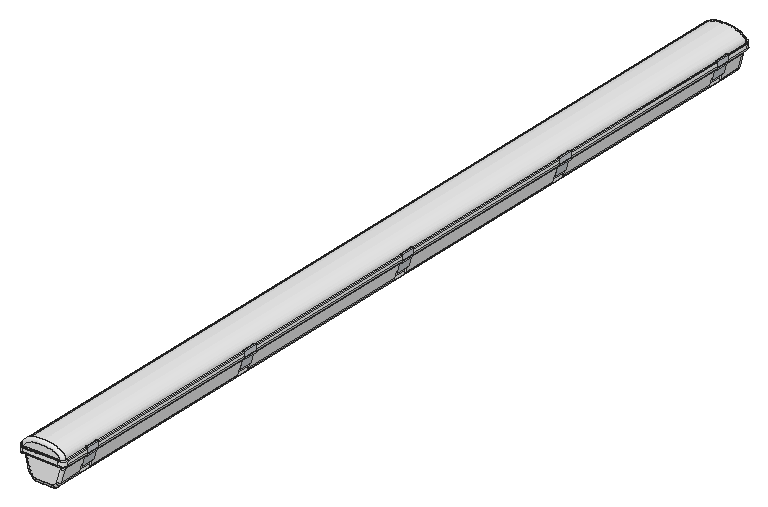
Revit family "0067989 Sylvania Lighting Fixture START Waterproof Single 1500 IP65 DA 4000lm 865 QC", category Lighting Fixtures, host Face, Revit 2016
Family settings
  Host = Face
  Part Type = Normal
  Round Connector Dimension = Use Diameter
  OmniClass Number = 23.80.70.11.14
  OmniClass Title = General Luminaries, Directional
  Cut with Voids When Loaded = No
  Light Source = Yes
  Shared = No
  Room Calculation Point = No
Parameters (values of type "0067989 ST WTRPRF S 1500 IP65 DALI 4000LM 865 QC")
  Width = 84 mm
  Weight = "kg"
  Wattage Comments = "n/a"
  Wattage = 33 W
  WarrantyStartDate [instance] = "n/a"
  WarrantyGuarantorParts = "n/a"
  WarrantyDurationUnit = "n/a"
  WarrantyDurationParts = "n/a"
  WarrantyDescription = "n/a"
  built-in parameter 1150110 = 1 (stored number, unit not read)
  Voltage = 0 V
  URL = "http://www.sylvania-lighting.com"
  TypeName = "START Waterproof Single 1500 IP65 DA 4000lm 865 QC"
  Type Image = <None>
  Type Comments = "n/a"
  built-in parameter 1114217 = 1 (stored number, unit not read)
  Tilt Angle = -90.00°
  built-in parameter 1150109 = 1 (stored number, unit not read)
  built-in parameter 1150134 = 1
  built-in parameter 1150113 = 1 (stored number, unit not read)
  SerialNumber [instance] = "n/a"
  ReflectorMaterial = none
  PowerFactor = 0
  PowerConsumption = "33 W"
  Photometric Web File = "0067989.ies"
  NominalWidth = 0 mm
  NominalLength = 1578 mm
  NominalHeight = 75 mm
  Name = "START Waterproof Single 1500 IP65 DA 4000lm 865 QC"
  ModelReference = "START Waterproof Single 1500 IP65 DA 4000lm 865 QC"
  ModelNumber = "0067989"
  Model = "START Waterproof Single 1500 IP65 DA 4000lm 865 QC"
  Material = "polycarbonate housing, polycarbonate diffuser"
  ManufacturerName = "Feilo Sylvania"
  Manufacturer = "Feilo Sylvania"
  LuminousEfficacy = "119 lm/W"
  built-in parameter 1150105 = 312.5 (stored number, unit not read)
  Lumens = 3927 lm
  LuminaireType = ""
  built-in parameter 1150115 = 1 (stored number, unit not read)
  LightOutputRatio = "n/a"
  built-in parameter 1150137 = (empty or 0)
  built-in parameter 1150139 = (empty or 0)
  Length = 1572 mm
  LampsType = Lamp  # "LED"
  LampNominalLuminous = "3950 lm"
  LampMacAdamStep = "n/a"
  LampColourTemperature = "6500 K"
  LampColourRenderingIndex = "80"
  built-in parameter 1150112 = 1 (stored number, unit not read)
  built-in parameter 1150114 = 1 (stored number, unit not read)
  Lamp = "LED"
  Keynote = "16500"
  InstallationDate [instance] = "n/a"
  InputVoltage = "n/a"
  InputNominalFrequency = "n/a"
  built-in parameter 1150132 = (empty or 0)
  built-in parameter 1150102 = (empty or 0)
  built-in parameter 1150107 = 6500 (stored number, unit not read)
  built-in parameter 1150138 = (empty or 0)
  IngressProtection = "IP65"
  ImpactProtectionIndex = "IK08"
  built-in parameter 1150106 = 3.125 (stored number, unit not read)
  IfcExportType = "IfcLightFixtureType"
  IfcExportAs = "IfcLightFixtureType"
  ExpectedLife = 50000
  Emit from Rectangle Width = Width - 20 mm  # 64 mm
  Emit from Rectangle Length = Length - 20 mm  # 1552 mm
  Emit Shape Visible in Rendering = no
  ElectricShockClassification = "Class I"
  built-in parameter 1150104 = 11.055 (stored number, unit not read)
  DurationUnit = "hours"
  DocumentationLiterature = "http://www.sylvania-lighting.com/product/en-int/products/0067989"
  DimmingControlOptions = "n/a"
  Dimming Lamp Color Temperature Shift = <None>
  DiffuserMaterial = Diffuser-Sylvania-Transparent
  Description = ""
  Default Elevation = 1219.2 mm
  CreatedOn = "11/27/2018"
  CreatedBy = "@sylvania-lighting.com"
  Cost = 0
  Color Filter = 16777215
  built-in parameter 1114216 [instance] = (empty or 0)
  ClassificationValue = "EF_70_80"
  ClassificationName = "Uniclass2015"
  BodyMaterial = Body-Sylvania-Gray
  BarCode [instance] = "n/a"
  built-in parameter 1114218 = 1 (stored number, unit not read)
  built-in parameter 1150133 = 10 (stored number, unit not read)
  AssetType = "Fixed"
  AssetIdentifier [instance] = "n/a"
  Assembly Code = "D5020200"
  Apparent Load = 33 VA
  AccessoryMaterial = Diffuser-Sylvania-Glow
Reference planes
  plane 1 "Center (Front/Back)": y = 0
  plane 2: z = 0
  plane 3 "Center (Left/Right)": x = 0
  plane 4: z = 54
  plane 5: x = -14.7
  plane 6: x = -21.8
  plane 7: x = -26.6
  plane 8: x = -29.2
  plane 9: z = 3
  plane 10: z = 7.8
  plane 11: z = 12.3
  plane 12: z = 36.6
  plane 13: z = 42.8
  plane 14: x = -38.1
  plane 15: z = 46.2
  plane 16: x = -42
  plane 17: y = 786
  plane 18: y = -786
  plane 19: x = 14.7
  plane 20: x = 21.8
  plane 21: x = 26.6
  plane 22: x = 29.2
  plane 23: x = 38.1
  plane 24: x = 42
  plane 25: y = 778.4
  plane 26: y = -778.4
  plane 27: y = -774.7
  plane 28: y = 774.7
  plane 29: z = 74
  plane 30: x = -38.5
  plane 31: x = 38.5
  plane 32: z = 55.2
  plane 33: y = -782.5
  plane 34: y = 782.5
  plane 35: x = -24.5
  plane 36: x = 24.5
  plane 37: x = -35.7
  plane 38: x = 35.7
  plane 39: z = 50.2
  plane 40: z = 24.6
  plane 41: y = -720
  plane 42: y = -734
  plane 43: y = -706
  plane 44: y = 720
  plane 45: y = -720
  plane 46: y = -734
  plane 47: y = -706
  plane 48: y = 720
  plane 49: y = 706
  plane 50: y = 734
  plane 51: y = -360
  plane 52: y = -374
  plane 53: y = -346
  plane 54: y = 0
  plane 55: y = -14
  plane 56: y = 14
  plane 57: y = 360
  plane 58: y = 346
  plane 59: y = 374
Forms (mm)
  Sweep 1, solid, material "Body-Sylvania-Gray" <- "BodyMaterial", detail levels medium+fine
    path origin (1223.4, -4572, 54) x (0, -1, 0) y (1, 0, 0)
      loop
        arc (-3796, -1265.4) -> (-3788.929, -1262.471) -> (-3786, -1255.4) r 10
        line (-3786, -1255.4) -> (-3786, -1191.4)
        arc (-3786, -1191.4) -> (-3788.929, -1184.329) -> (-3796, -1181.4) r 10
        line (-3796, -1181.4) -> (-5348, -1181.4)
        arc (-5348, -1181.4) -> (-5355.071, -1184.329) -> (-5358, -1191.4) r 10
        line (-5358, -1191.4) -> (-5358, -1255.4)
        arc (-5358, -1255.4) -> (-5355.071, -1262.471) -> (-5348, -1265.4) r 10
        line (-5348, -1265.4) -> (-3796, -1265.4)
    profile origin (-42, 0, 54) x (-1, 0, 0) y (0, 0, 1)
      loop
        line (0, 0) -> (-1, 0) -> (-1, -7.726)
        arc (-1, -7.726) -> (-1.994, -9.498) -> (-3.9, -10.2) r 2.937
        line (-3.9, -10.2) -> (-8.571, -10.2) -> (-8.571, -11.2) -> (-3.9, -11.2)
        arc (-3.9, -11.2) -> (-1.313, -10.231) -> (0, -7.8) r 3.937
        line (0, -7.8) -> (0, 0)
  Sweep 2, solid, material "Body-Sylvania-Gray" <- "BodyMaterial", detail levels medium+fine
    path origin (0, 0, 0) x (1, 0, 0) y (0, 0, 1)
      loop
        line (35.7, 42.8) -> (35.7, 36.6) -> (29.203, 12.31)
        arc (29.203, 12.31) -> (28.199, 9.884) -> (26.6, 7.8) r 10.052
        line (26.6, 7.8) -> (21.8, 3)
        arc (21.8, 3) -> (18.554, 0.781) -> (14.7, 0) r 9.902
        line (14.7, 0) -> (0, 0) -> (-14.7, 0)
        arc (-14.7, 0) -> (-18.554, 0.781) -> (-21.8, 3) r 9.902
        line (-21.8, 3) -> (-26.6, 7.8)
        arc (-26.6, 7.8) -> (-28.199, 9.884) -> (-29.203, 12.31) r 10.052
        line (-29.203, 12.31) -> (-35.7, 36.6) -> (-35.7, 42.8)
    profile origin (0, 0, 0) x (0, 0, -1) y (0, -1, 0)
      loop
        arc (0, 773.4) -> (-1.464, 776.936) -> (-5, 778.4) r 5
        line (-5, 778.4) -> (-7.8, 778.4) -> (-7.8, -778.4) -> (-5, -778.4)
        arc (-5, -778.4) -> (-1.464, -776.936) -> (0, -773.4) r 5
        line (0, -773.4) -> (0, 773.4)
  Extrusion 3, solid, material "Body-Sylvania-Gray" <- "BodyMaterial", detail levels medium+fine
    sketch origin (1524, 778.4, 1219.2) x (1, 0, 0) y (0, 0, 1)
      loop
        arc (-1545.668, -1204.874) -> (-1545.443, -1205.418) -> (-1545.085, -1205.885) r 2.252
        line (-1545.085, -1205.885) -> (-1540.231, -1210.738)
        arc (-1540.231, -1210.738) -> (-1539.534, -1211.227) -> (-1538.7, -1211.4) r 2.102
        line (-1538.7, -1211.4) -> (-1509.3, -1211.4)
        arc (-1509.3, -1211.4) -> (-1508.466, -1211.227) -> (-1507.769, -1210.738) r 2.102
        line (-1507.769, -1210.738) -> (-1502.915, -1205.885)
        arc (-1502.915, -1205.885) -> (-1502.557, -1205.418) -> (-1502.332, -1204.874) r 2.252
        line (-1502.332, -1204.874) -> (-1496.1, -1181.575) -> (-1496.1, -1176.4) -> (-1551.9, -1176.4) -> (-1551.9, -1181.575) -> (-1545.668, -1204.874)
    from 0 to 1556.8
  Sweep 4, solid, material "Diffuser-Sylvania-Transparent" <- "DiffuserMaterial", detail levels medium+fine
    path origin (0, 0, 0) x (1, 0, 0) y (0, 0, 1)
      loop
        spline (-38.5, 55.2) -> (-37.188, 60.066) -> (-33.342, 64.6) -> (-27.224, 68.494) -> (-19.25, 71.481) -> (-9.965, 73.359) -> (0, 74) -> (9.965, 73.359) -> (19.25, 71.481) -> (27.224, 68.494) -> (33.342, 64.6) -> (37.188, 60.066) -> (38.5, 55.2)
    profile origin (38.5, 0, 55.2) x (0, -1, 0) y (1, 0, 0)
      loop
        arc (782.5, -5.5) -> (780.889, -1.611) -> (777, 0) r 5.5
        line (777, 0) -> (-777, 0)
        arc (-777, 0) -> (-780.889, -1.611) -> (-782.5, -5.5) r 5.5
        line (-782.5, -5.5) -> (-782.5, -6.3) -> (-781.5, -6.3) -> (-781.5, -5.5)
        arc (-781.5, -5.5) -> (-780.182, -2.318) -> (-777, -1) r 4.5
        line (-777, -1) -> (777, -1)
        arc (777, -1) -> (780.182, -2.318) -> (781.5, -5.5) r 4.5
        line (781.5, -5.5) -> (781.5, -6.347) -> (782.5, -6.347) -> (782.5, -5.5)
  Extrusion 5, solid, material "Diffuser-Sylvania-Transparent" <- "DiffuserMaterial", detail levels medium+fine
    sketch origin (1524, -782.5, 1219.2) x (1, 0, 0) y (0, 0, 1)
      loop
        line (-1556.653, -1164) -> (-1491.347, -1164)
        spline (-1491.347, -1164) -> (-1491.939, -1161.945) -> (-1494.434, -1159.066) -> (-1499.342, -1155.96) -> (-1506.338, -1153.35) -> (-1514.799, -1151.648) -> (-1524, -1151.047) -> (-1533.201, -1151.648) -> (-1541.662, -1153.35) -> (-1548.658, -1155.96) -> (-1553.566, -1159.066) -> (-1556.061, -1161.945) -> (-1556.653, -1164)
    from 0 to -1
  Extrusion 6, solid, material "Diffuser-Sylvania-Transparent" <- "DiffuserMaterial", detail levels medium+fine
    sketch origin (1524, 782.5, 1219.2) x (1, 0, 0) y (0, 0, 1)
      loop
        spline (-1491.3, -1164) -> (-1491.898, -1161.922) -> (-1494.404, -1159.03) -> (-1499.322, -1155.918) -> (-1506.325, -1153.305) -> (-1514.793, -1151.602) -> (-1524, -1151) -> (-1533.207, -1151.602) -> (-1541.675, -1153.305) -> (-1548.678, -1155.918) -> (-1553.596, -1159.03) -> (-1556.102, -1161.922) -> (-1556.7, -1164)
        line (-1556.7, -1164) -> (-1491.3, -1164)
    from 0 to 1
  Extrusion 7, solid, material "Diffuser-Sylvania-Glow" <- "AccessoryMaterial", detail levels fine
    sketch origin (0, 0, 0) x (1, 0, 0) y (0, 0, 1)
      loop
        circle (0, 50.2) r 8
    from -774.7 to 774.7
  Extrusion 8, void
    sketch origin (0, -720, 2343.807) x (0, 0, -1) y (-1, 0, 0)
      loop
        line (2340.807, -24.5) -> (2331.507, -24.5) -> (2319.207, -29.2) -> (2319.207, -35.7) -> (2340.807, -35.7) -> (2340.807, -24.5)
      loop
        line (2340.807, 24.5) -> (2340.807, 35.7) -> (2319.207, 35.7) -> (2319.207, 29.2) -> (2331.507, 24.5) -> (2340.807, 24.5)
    from 14 to -14
  Extrusion 9, void, not visible
    sketch origin (0, -720, 2343.807) x (0, 0, -1) y (-1, 0, 0)
      loop
        line (2340.807, -24.5) -> (2331.507, -24.5) -> (2319.207, -29.2) -> (2319.207, -35.7) -> (2340.807, -35.7) -> (2340.807, -24.5)
      loop
        line (2340.807, 24.5) -> (2340.807, 35.7) -> (2319.207, 35.7) -> (2319.207, 29.2) -> (2331.507, 24.5) -> (2340.807, 24.5)
    from 14 to -14
  Extrusion 10, void
    sketch origin (0, 720, 2343.807) x (0, 0, -1) y (-1, 0, 0)
      loop
        line (2340.807, -24.5) -> (2331.507, -24.5) -> (2319.207, -29.2) -> (2319.207, -35.7) -> (2340.807, -35.7) -> (2340.807, -24.5)
      loop
        line (2340.807, 24.5) -> (2340.807, 35.7) -> (2319.207, 35.7) -> (2319.207, 29.2) -> (2331.507, 24.5) -> (2340.807, 24.5)
    from 14 to -14
  Extrusion 11, void
    sketch origin (0, -360, 2343.807) x (0, 0, -1) y (-1, 0, 0)
      loop
        line (2340.807, -24.5) -> (2331.507, -24.5) -> (2319.207, -29.2) -> (2319.207, -35.7) -> (2340.807, -35.7) -> (2340.807, -24.5)
      loop
        line (2340.807, 24.5) -> (2340.807, 35.7) -> (2319.207, 35.7) -> (2319.207, 29.2) -> (2331.507, 24.5) -> (2340.807, 24.5)
    from 14 to -14
  Extrusion 12, void
    sketch origin (0, 0, 2343.807) x (0, 0, -1) y (-1, 0, 0)
      loop
        line (2340.807, -24.5) -> (2331.507, -24.5) -> (2319.207, -29.2) -> (2319.207, -35.7) -> (2340.807, -35.7) -> (2340.807, -24.5)
      loop
        line (2340.807, 24.5) -> (2340.807, 35.7) -> (2319.207, 35.7) -> (2319.207, 29.2) -> (2331.507, 24.5) -> (2340.807, 24.5)
    from 14 to -14
  Extrusion 13, void
    sketch origin (0, 360, 2343.807) x (0, 0, -1) y (-1, 0, 0)
      loop
        line (2340.807, -24.5) -> (2331.507, -24.5) -> (2319.207, -29.2) -> (2319.207, -35.7) -> (2340.807, -35.7) -> (2340.807, -24.5)
      loop
        line (2340.807, 24.5) -> (2340.807, 35.7) -> (2319.207, 35.7) -> (2319.207, 29.2) -> (2331.507, 24.5) -> (2340.807, 24.5)
    from 14 to -14
  Extrusion 14, solid, material "Diffuser-Sylvania-Transparent" <- "DiffuserMaterial", detail levels medium+fine
    sketch origin (1223.4, -4572, 54) x (0, -1, 0) y (-1, 0, 0)
      loop
        arc (-5348, 1265.4) -> (-5355.071, 1262.471) -> (-5358, 1255.4) r 10
        line (-5358, 1255.4) -> (-5358, 1191.4)
        arc (-5358, 1191.4) -> (-5355.071, 1184.329) -> (-5348, 1181.4) r 10
        line (-5348, 1181.4) -> (-3796, 1181.4)
        arc (-3796, 1181.4) -> (-3788.929, 1184.329) -> (-3786, 1191.4) r 10
        line (-3786, 1191.4) -> (-3786, 1255.4)
        arc (-3786, 1255.4) -> (-3788.929, 1262.471) -> (-3796, 1265.4) r 10
        line (-3796, 1265.4) -> (-5348, 1265.4)
      loop
        arc (-5354.5, 1190.394) -> (-5352.887, 1186.509) -> (-5349, 1184.9) r 5.5
        line (-5349, 1184.9) -> (-3795, 1184.9)
        arc (-3795, 1184.9) -> (-3791.113, 1186.509) -> (-3789.5, 1190.394) r 5.5
        line (-3789.5, 1190.394) -> (-3789.5, 1256.406)
        arc (-3789.5, 1256.406) -> (-3791.113, 1260.291) -> (-3795, 1261.9) r 5.5
        line (-3795, 1261.9) -> (-5349, 1261.9)
        arc (-5349, 1261.9) -> (-5352.887, 1260.291) -> (-5354.5, 1256.406) r 5.5
        line (-5354.5, 1256.406) -> (-5354.5, 1190.394)
    from 0 to -1.2
  Extrusion 15, solid, material "Body-Sylvania-Gray" <- "BodyMaterial", detail levels coarse
    sketch origin (0, 0, 0) x (1, 0, 0) y (0, 0, 1)
      loop
        line (-42, 55.2) -> (-42, 42.8) -> (-26.6, 0) -> (26.6, 0) -> (42, 42.8) -> (42, 55.2) -> (-42, 55.2)
    from -786 to 786
  Extrusion 16, solid, material "Diffuser-Sylvania-Transparent" <- "DiffuserMaterial", detail levels coarse
    sketch origin (0, 0, 0) x (1, 0, 0) y (0, 0, 1)
      loop
        line (-38.5, 55.2) -> (38.5, 55.2)
        arc (38.5, 55.2) -> (0, 74) -> (-38.5, 55.2) r 48.822
    from -778.4 to 778.4
Cuts and joins
  Extrusion 8, Extrusion 10, Extrusion 11, Extrusion 12, Extrusion 13 cuts Sweep 2
  Extrusion 8, Extrusion 10, Extrusion 11, Extrusion 12, Extrusion 13 cuts Extrusion 3
  joined: Sweep 2, Extrusion 3
  joined: Sweep 4, Extrusion 5, Extrusion 6, Extrusion 14
Dimensions and locks
  locked: plane 4 to plane 2 at 54
  plane 5 to plane 6 to plane 7 to plane 8 to plane 14 to plane 16 = 7.1 mm locked, 4.8 mm locked, 2.6 mm locked, 8.9 mm locked, 3.9 mm locked
  plane 4 to plane 15 to plane 13 to plane 12 to plane 11 to plane 10 to plane 9 = 7.8 mm locked, 3.4 mm, 6.2 mm locked, 24.3 mm locked, 4.5 mm locked, 4.8 mm locked
  equal spacing: plane 18, plane 1 "Center (Front/Back)", plane 17
  "Length": plane 18 to plane 17
  plane 19 to plane 20 to plane 21 to plane 22 to plane 23 to plane 24 = 7.1 mm locked, 4.8 mm locked, 2.6 mm locked, 8.9 mm, 3.9 mm
  equal spacing: plane 24, plane 3 "Center (Left/Right)", plane 16
  "Width": plane 24 to plane 16
  equal spacing: plane 27, plane 1 "Center (Front/Back)", plane 28
  locked: plane 26 to plane 27 at 3.7
  locked: Sweep 1 sketch curve to profile plane at 1
  locked: Sweep 1 sketch curve to plane 13 at 1
  locked: Sweep 1 sketch curve to plane 13 at 3.937  (x2)
  locked: Sweep 1 sketch curve to profile plane at 3.9  (x2)
  plane 29 to plane 4 = 20 mm
  equal spacing: plane 31, plane 3 "Center (Left/Right)", plane 30
  locked: plane 30 to plane 16 at 3.5
  locked: plane 32 to plane 4 at 1.2
  equal spacing: plane 33, plane 1 "Center (Front/Back)", plane 34
  equal spacing: plane 36, plane 3 "Center (Left/Right)", plane 35
  locked: plane 34 to plane 17 at 3.5
  equal spacing: plane 38, plane 3 "Center (Left/Right)", plane 37
  locked: plane 37 to plane 16 at 6.3
  equal spacing: plane 25, plane 1 "Center (Front/Back)", plane 26
  locked: plane 17 to plane 25 at 7.6
  locked: Sweep 2 sketch curve to plane 2 at 5  (x2)
  locked: Sweep 2 sketch curve to plane 26 at 5
  locked: plane 25 to Sweep 2 sketch curve at 5
  locked: Sweep 4 sketch curve to plane 31 at 5.5  (x2)
  locked: Sweep 4 sketch curve to plane 34 at 5.5
  plane 33 to Sweep 4 sketch curve = 5.5 mm
  locked: plane 34 to Sweep 4 sketch curve at 1
  locked: Sweep 4 sketch curve to plane 31 at 1
  locked: Sweep 4 sketch curve to Sweep 4 sketch curve at 1
  locked: Sweep 4 sketch curve to plane 31 at 6.347
  locked: Sweep 4 sketch curve to plane 31 at 6.3
  locked: plane 40 to plane 2 at 24.6
  locked: plane 6 to plane 35 at 2.7
  locked: plane 1 "Center (Front/Back)" to plane 41 at 720
  plane 43 to plane 41 to plane 42 = 14 mm locked, 14 mm locked
  locked: plane 44 to plane 1 "Center (Front/Back)" at 720
  plane 47 to plane 45 to plane 46 = 14 mm locked, 14 mm locked
  plane 50 to plane 48 to plane 49 = 14 mm locked, 14 mm locked  (x2)
  equal spacing: group 1, group 6, group 7, group 8, group 5  (x3)
  plane 53 to plane 51 to plane 52 = 14 mm locked, 14 mm locked  (x2)
  plane 56 to plane 54 to plane 55 = 14 mm locked, 14 mm locked  (x2)
  plane 59 to plane 57 to plane 58 = 14 mm locked, 14 mm locked  (x2)
  plane 48 to plane 57 to plane 1 "Center (Front/Back)" to plane 51 to plane 41 = 360 mm locked, 360 mm locked, 360 mm locked, 360 mm locked
  aligned and locked: plane 2 to host face
  aligned and locked: level to host face
  aligned and locked: plane 16 to Sweep 1 sketch curve
  aligned and locked: Sweep 1 sketch curve to plane 24
  aligned and locked: plane 18 to Sweep 1 sketch curve
  aligned and locked: Sweep 1 sketch curve to plane 13
  aligned and locked: profile plane to Sweep 1 sketch curve
  aligned and locked: plane 3 "Center (Left/Right)" to Sweep 2 sketch curve
  aligned and locked: plane 9 to Sweep 2 sketch curve
  aligned and locked: plane 10 to Sweep 2 sketch curve
  aligned and locked: plane 37 to Sweep 2 sketch curve
  aligned and locked: plane 12 to Sweep 2 sketch curve
  aligned and locked: Sweep 2 sketch curve to level
  aligned and locked: plane 21 to Sweep 2 sketch curve
  aligned and locked: plane 38 to Sweep 2 sketch curve
  aligned and locked: profile plane to Sweep 2 sketch curve
  aligned and locked: plane 25 to Sweep 2 sketch curve
  aligned and locked: Sweep 2 sketch curve to plane 10
  aligned and locked: Extrusion 3 sketch curve to Sweep 2  (x7)
  aligned and locked: Sweep 2 to Extrusion 3 sketch curve
  aligned and locked: Extrusion 3 to plane 25
  aligned and locked: plane 26 to Extrusion 3
  aligned and locked: plane 32 to Sweep 4 sketch curve
  aligned and locked: plane 33 to Sweep 4 sketch curve
  aligned and locked: Sweep 4 to Extrusion 5
  aligned and locked: plane 33 to Extrusion 5
  aligned and locked: plane 39 to Extrusion 7 sketch curve
  aligned and locked: plane 27 to Extrusion 7
  aligned and locked: Extrusion 7 to plane 28
  aligned and locked: Extrusion 6 sketch curve to Sweep 4
  aligned and locked: Extrusion 5 sketch curve to Sweep 4
  aligned and locked: Extrusion 8 to plane 43
  aligned and locked: plane 42 to Extrusion 8
  aligned and locked: Extrusion 10 to plane 50
  aligned and locked: plane 49 to Extrusion 10
  aligned and locked: Extrusion 11 to plane 53
  aligned and locked: plane 52 to Extrusion 11
  aligned and locked: Extrusion 12 to plane 56
  aligned and locked: plane 55 to Extrusion 12
  aligned and locked: Extrusion 13 to plane 59
  aligned and locked: plane 58 to Extrusion 13
  aligned and locked: plane 3 "Center (Left/Right)" to Extrusion 7 sketch curve
  aligned and locked: Extrusion 14 sketch curve to Sweep 1  (x4)
  aligned and locked: Extrusion 14 to plane 32
  aligned and locked: plane 4 to Extrusion 14
  aligned and locked: plane 48 to nested 1
  aligned and locked: plane 57 to nested 2
  aligned and locked: plane 54 to nested 3
  aligned and locked: nested 4 to plane 51
  aligned and locked: nested 5 to plane 41
  aligned and locked: plane 41 to nested 10
  aligned and locked: plane 51 to nested 9
  aligned and locked: plane 54 to nested 8
  aligned and locked: plane 57 to nested 7
  aligned and locked: plane 48 to nested 6
  aligned and locked: plane 1 "Center (Front/Back)" to imposter light
  aligned and locked: plane 3 "Center (Left/Right)" to imposter light
  aligned and locked: imposter light to plane 29
  aligned and locked: plane 7 to Extrusion 15 sketch curve
  aligned and locked: plane 2 to Extrusion 15 sketch curve
  aligned and locked: Extrusion 15 sketch curve to nested 6
  aligned and locked: Extrusion 15 sketch curve to nested 1
  aligned and locked: plane 18 to Extrusion 15
  aligned and locked: Extrusion 15 to plane 17
  aligned and locked: Extrusion 15 to Sweep 1  (x2)
  aligned and locked: plane 30 to Extrusion 16 sketch curve
  aligned and locked: plane 31 to Extrusion 16 sketch curve
  aligned and locked: Extrusion 16 sketch curve to cut or joined group of Sweep 4, Extrusion 5, Extrusion 6, Extrusion 14
  aligned and locked: Extrusion 16 to plane 25
  aligned and locked: plane 26 to Extrusion 16
Automatic sketch dimensions
  host sketch curve to host sketch curve = 2438.4 mm  (x2)
  plane 17 to Sweep 1 sketch curve = 0 mm
  Sweep 1 sketch curve to plane 28 = 1.3 mm
  Sweep 1 sketch curve to plane 7 = 5.4 mm
  plane 27 to Sweep 1 sketch curve = 1.3 mm  (x2)
  Sweep 1 sketch curve to Sweep 1 sketch curve = 4.671 mm
  Sweep 1 sketch curve to plane 4 = 0 mm
  Sweep 2 sketch curve to plane 7 = 0 mm
  Sweep 2 sketch curve to plane 6 = 0 mm
  Sweep 2 sketch curve to plane 5 = 0 mm
  plane 19 to Sweep 2 sketch curve = 0 mm
  Sweep 2 sketch curve to plane 9 = 0 mm
  plane 20 to Sweep 2 sketch curve = 0 mm
  Sweep 2 sketch curve to plane 12 = 0 mm
  Sweep 2 sketch curve to plane 10 = 0 mm
  Sweep 2 sketch curve to plane 13 = 0 mm  (x2)
  Sweep 2 sketch curve to plane 8 = 0.003 mm
  plane 6 to Sweep 2 sketch curve = 2.308 mm
  plane 20 to Sweep 2 sketch curve = 2.308 mm
  Sweep 2 sketch curve to plane 22 = 0.003 mm
  Sweep 2 sketch curve to plane 11 = 0.01 mm  (x2)
  Extrusion 3 sketch curve to plane 5 = 0 mm
  plane 19 to Extrusion 3 sketch curve = 0 mm
  plane 6 to Extrusion 3 sketch curve = 0.132 mm
  plane 6 to Extrusion 3 sketch curve = 0.715 mm
  Extrusion 3 sketch curve to Extrusion 3 sketch curve = 1.592 mm
  Extrusion 3 sketch curve to plane 10 = 0.662 mm  (x2)
  plane 20 to Extrusion 3 sketch curve = 2.308 mm
  plane 20 to Extrusion 3 sketch curve = 0.715 mm
  plane 20 to Extrusion 3 sketch curve = 0.132 mm
  Sweep 4 sketch curve to plane 30 = 0 mm
  Sweep 4 sketch curve to plane 3 "Center (Left/Right)" = 0 mm
  Sweep 4 sketch curve to Sweep 4 sketch curve = 0 mm  (x2)
  plane 37 to Extrusion 6 sketch curve = 3 mm
  Extrusion 6 sketch curve to plane 38 = 3 mm
  plane 37 to Extrusion 5 sketch curve = 3.047 mm
  Extrusion 5 sketch curve to plane 38 = 3.047 mm
  Extrusion 8 sketch curve to Extrusion 8 sketch curve = 0 mm
  Extrusion 8 sketch curve to Extrusion 8 sketch curve = 12.3 mm  (x2)
  Extrusion 8 sketch curve to Extrusion 8 sketch curve = 9.3 mm  (x2)
  Extrusion 8 sketch curve to Extrusion 8 sketch curve = 6.5 mm  (x2)
  Extrusion 8 sketch curve to Extrusion 8 sketch curve = 4.7 mm  (x2)
  Extrusion 8 sketch curve to Extrusion 8 sketch curve = 49 mm
  Extrusion 9 sketch curve to Extrusion 9 sketch curve = 0 mm
  Extrusion 9 sketch curve to Extrusion 9 sketch curve = 12.3 mm  (x2)
  Extrusion 9 sketch curve to Extrusion 9 sketch curve = 9.3 mm  (x2)
  Extrusion 9 sketch curve to Extrusion 9 sketch curve = 6.5 mm  (x2)
  Extrusion 9 sketch curve to Extrusion 9 sketch curve = 4.7 mm  (x2)
  Extrusion 9 sketch curve to Extrusion 9 sketch curve = 49 mm
  Extrusion 10 sketch curve to Extrusion 10 sketch curve = 0 mm
  Extrusion 10 sketch curve to Extrusion 10 sketch curve = 12.3 mm  (x2)
  Extrusion 10 sketch curve to Extrusion 10 sketch curve = 9.3 mm  (x2)
  Extrusion 10 sketch curve to Extrusion 10 sketch curve = 6.5 mm  (x2)
  Extrusion 10 sketch curve to Extrusion 10 sketch curve = 4.7 mm  (x2)
  Extrusion 10 sketch curve to Extrusion 10 sketch curve = 49 mm
  Extrusion 11 sketch curve to Extrusion 11 sketch curve = 0 mm
  Extrusion 11 sketch curve to Extrusion 11 sketch curve = 12.3 mm  (x2)
  Extrusion 11 sketch curve to Extrusion 11 sketch curve = 9.3 mm  (x2)
  Extrusion 11 sketch curve to Extrusion 11 sketch curve = 6.5 mm  (x2)
  Extrusion 11 sketch curve to Extrusion 11 sketch curve = 4.7 mm  (x2)
  Extrusion 11 sketch curve to Extrusion 11 sketch curve = 49 mm
  Extrusion 12 sketch curve to Extrusion 12 sketch curve = 0 mm
  Extrusion 12 sketch curve to Extrusion 12 sketch curve = 12.3 mm  (x2)
  Extrusion 12 sketch curve to Extrusion 12 sketch curve = 9.3 mm  (x2)
  Extrusion 12 sketch curve to Extrusion 12 sketch curve = 6.5 mm  (x2)
  Extrusion 12 sketch curve to Extrusion 12 sketch curve = 4.7 mm  (x2)
  Extrusion 12 sketch curve to Extrusion 12 sketch curve = 49 mm
  Extrusion 13 sketch curve to Extrusion 13 sketch curve = 0 mm
  Extrusion 13 sketch curve to Extrusion 13 sketch curve = 12.3 mm  (x2)
  Extrusion 13 sketch curve to Extrusion 13 sketch curve = 9.3 mm  (x2)
  Extrusion 13 sketch curve to Extrusion 13 sketch curve = 6.5 mm  (x2)
  Extrusion 13 sketch curve to Extrusion 13 sketch curve = 4.7 mm  (x2)
  Extrusion 13 sketch curve to Extrusion 13 sketch curve = 49 mm
  Extrusion 14 sketch curve to plane 34 = 0 mm
  plane 30 to Extrusion 14 sketch curve = 0 mm
  Extrusion 14 sketch curve to plane 31 = 0 mm
  plane 33 to Extrusion 14 sketch curve = 0 mm
  plane 25 to Extrusion 14 sketch curve = 1.4 mm  (x4)
  Extrusion 14 sketch curve to plane 26 = 1.4 mm  (x4)
  plane 37 to Extrusion 14 sketch curve = 2.694 mm  (x2)
  Extrusion 14 sketch curve to plane 38 = 2.694 mm  (x2)
  plane 21 to Extrusion 15 sketch curve = 0 mm
  Extrusion 15 sketch curve to plane 13 = 0 mm  (x2)
  Extrusion 15 sketch curve to plane 32 = 0 mm
  Extrusion 16 sketch curve to plane 40 = 0.578 mm
  radius of Extrusion 7 sketch curve = 8 mm
Nested families
  nested 1: "Clip" at (-29.2, 720, 24.6) x (-1, 0, 0) z (0, 0, 1), type "Clip", detail levels fine
  nested 2: "Clip" at (-29.2, 360, 24.6) x (-1, 0, 0) z (0, 0, 1), type "Clip", detail levels fine
  nested 3: "Clip" at (-29.2, 0, 24.6) x (-1, 0, 0) z (0, 0, 1), type "Clip", detail levels fine
  nested 4: "Clip" at (-29.2, -360, 24.6) x (-1, 0, 0) z (0, 0, 1), type "Clip", detail levels fine
  nested 5: "Clip" at (-29.2, -720, 24.6) x (-1, 0, 0) z (0, 0, 1), type "Clip", detail levels fine
  nested 6: "Clip" at (29.2, 720, 24.6), type "Clip", detail levels fine
  nested 7: "Clip" at (29.2, 360, 24.6), type "Clip", detail levels fine
  nested 8: "Clip" at (29.2, 0, 24.6), type "Clip", detail levels fine
  nested 9: "Clip" at (29.2, -360, 24.6), type "Clip", detail levels fine
  nested 10: "Clip" at (29.2, -720, 24.6), type "Clip", detail levels fine
Connectors
  electrical at (0, 0, 0), driven by "Apparent Load"
    settings: index 1, voltage 230 V, apparent load 33 VA, apparent load phase1 0 VA, apparent load phase2 0 VA, apparent load phase3 0 VA, power factor 0, load classification "Lighting", number of poles 1, system type 30, power factor state 1, is connector primary yes, connector utility no, sub classification motor no, connector description ""
Definition of nested family "Clip"
  Parameters (values of type "Clip")
    URL = "http://www.feilosylvania.com"
    Type Comments = "n/a"
    Model = "n/a"
    Manufacturer = "Feilo Sylvania"
    Keynote = "n/a"
    Description = "n/a"
    Default Elevation = 1219.2 mm
    Cost = 0
    BodyMaterial = none
    Assembly Code = "n/a"
  Reference planes
    plane 1 "Center (Front/Back)": y = 0
    plane 2: z = 0
    plane 3 "Center (Left/Right)": x = 0
    plane 4: x = 3.3
    plane 5: x = 6.5
    plane 6: x = 8.9
    plane 7: x = 12.8
    plane 8: z = 12
    plane 9: z = 18.2
    plane 10: z = 21.6
    plane 11: z = 30.6
    plane 12: x = 9.3
    plane 13: z = 19.2
    plane 14: z = 16.2
    plane 15: x = 10.1
    plane 16: y = 12
    plane 17: y = -12
  Forms (mm)
    Extrusion 1, solid
      sketch origin (-0.8, 0, 0) x (1, 0, 0) y (0, 1, 0)
        loop
          line (-1219.2, 1219.2) -> (-1219.2, -1219.2) -> (1219.2, -1219.2) -> (1219.2, 1219.2) -> (-1219.2, 1219.2)
      from 0 to -304.8
    Extrusion 2, solid
      sketch origin (0, 0, 0) x (1, 0, 0) y (0, 0, 1)
        loop
          line (8.9, 16.2) -> (4.58, 0) -> (0, 0) -> (0, -0.8) -> (5.195, -0.8) -> (9.603, 15.731) -> (13.6, 18.806) -> (13.6, 30.6)
          arc (13.6, 30.6) -> (11.45, 32.75) -> (9.3, 30.6) r 2.15
          line (9.3, 30.6) -> (10.1, 30.6)
          arc (10.1, 30.6) -> (11.45, 31.95) -> (12.8, 30.6) r 1.35
          line (12.8, 30.6) -> (12.8, 19.2) -> (8.9, 16.2)
      from -12 to 12
  Lines and regions (mm)
    reference lines
      curve 1: line (3.3, 0, 0) -> (6.5, 0, 12)
      curve 2: arc (8.9, 0, 18.2) -> (11.488, 0, 19.169) -> (12.8, 0, 21.6) r 3.934
  Dimensions and locks
    plane 7 to plane 6 to plane 5 to plane 4 to plane 3 "Center (Left/Right)" = 3.9 mm locked, 2.4 mm locked, 3.2 mm locked, 3.3 mm locked
    plane 11 to plane 10 to plane 9 to plane 8 to plane 2 = 9 mm locked, 3.4 mm locked, 6.2 mm locked, 12 mm locked
    locked: plane 7 to plane 12 at 3.5
    locked: plane 13 to plane 9 at 1
    locked: plane 9 to plane 14 at 2
    locked: plane 15 to plane 12 at 0.8
    locked: plane 2 to Extrusion 2 sketch curve at 0.8
    locked: Extrusion 2 sketch curve to Extrusion 2 sketch curve at 0.8  (x3)
    locked: plane 7 to Extrusion 2 sketch curve at 1.35
    equal spacing: plane 17, plane 1 "Center (Front/Back)", plane 16
    locked: plane 1 "Center (Front/Back)" to plane 16 at 12
    aligned and locked: plane 2 to Extrusion 1
    aligned and locked: level to Extrusion 1
    aligned and locked: plane 4 to curve 1
    aligned and locked: plane 5 to curve 1
    aligned and locked: plane 6 to curve 2
    aligned and locked: plane 10 to curve 2
    aligned and locked: plane 14 to Extrusion 2 sketch curve
    aligned and locked: plane 13 to Extrusion 2 sketch curve
    aligned and locked: plane 7 to Extrusion 2 sketch curve
    aligned and locked: plane 3 "Center (Left/Right)" to Extrusion 2 sketch curve
    aligned and locked: Extrusion 2 sketch curve to level
    aligned and locked: Extrusion 2 sketch curve to plane 11
    aligned and locked: plane 11 to Extrusion 2 sketch curve
    aligned and locked: Extrusion 2 to plane 16
    aligned and locked: plane 17 to Extrusion 2
  Automatic sketch dimensions
    Extrusion 1 sketch curve to Extrusion 1 sketch curve = 2438.4 mm  (x2)
    curve 2 to plane 7 = 0 mm
    curve 1 to level = 0 mm
    curve 1 to plane 8 = 0 mm
    curve 2 to plane 9 = 0 mm
    plane 6 to curve 2 = 0.002 mm
    Extrusion 2 sketch curve to Extrusion 2 sketch curve = 0 mm
    Extrusion 2 sketch curve to plane 6 = 0 mm
    plane 4 to Extrusion 2 sketch curve = 1.28 mm
